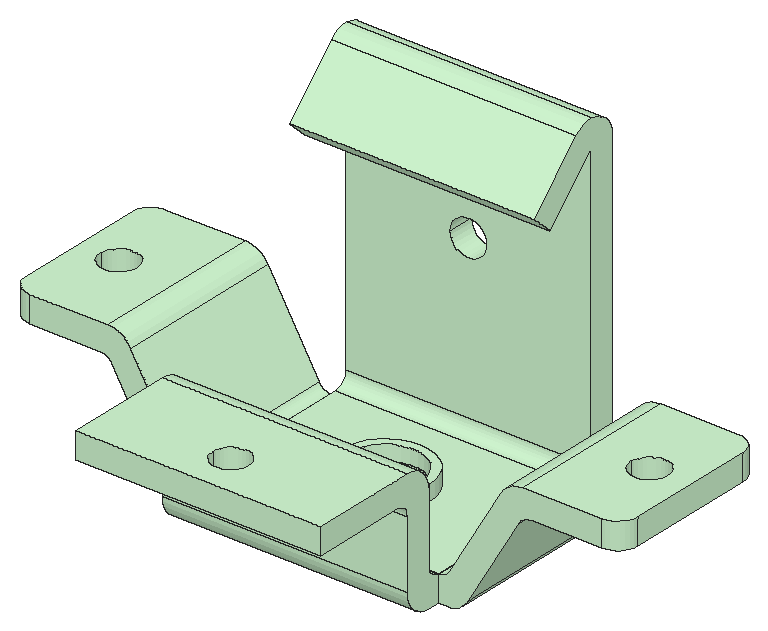
Revit family "Power-LGフック", category 機械設備, Revit 2022
Family settings
  丸型コネクタ寸法 = 直径を使用
  種別 = なし
  パーツ タイプ = 標準
  作業面ベース = いいえ
  常に垂直 = はい
  ロード時にボイドで切り取り = いいえ
  注釈の向きを維持 = いいえ
  共有 = いいえ
  部屋計算ポイント = いいえ
Parameters
  製造元 = "株式会社桐井製作所"
  既定の高さ = 0 mm
  URL = "https://www.kirii.co.jp/"
  K_許容荷重(鉛直)(N) = 4600
  K_許容荷重(水平)(N) = 2600
  K_品名 = "Power-LGフック"
  K_名称 = "吊元金具"
  K_入数 = "100"
  K_バージョン情報 = "20250901"
Reference planes
  plane 1 "中心(正面/背面)": y = 0
  plane 2: z = 0
  plane 3 "中心(左/右)": x = 0
Forms (mm)
  Extrusion 1, void
    sketch origin (0, -0.34, 0) x (1, 0, 0) y (0, 1, 0)
      loop
        circle (0, -15.76) r 4.5
    from 0 to 3.2
  Extrusion 2, solid
    sketch origin (0, 0, 0.091) x (0, 1, 0) y (0, 0, 1)
      loop
        line (-3.2, 39.61) -> (-3.2, 4.709)
        arc (-3.2, 4.709) -> (-3.669, 3.578) -> (-4.8, 3.109) r 1.6
        line (-4.8, 3.109) -> (-26.5, 3.109)
        arc (-26.5, 3.109) -> (-27.631, 3.578) -> (-28.1, 4.709) r 1.6
        line (-28.1, 4.709) -> (-28.1, 13.01)
        arc (-28.1, 13.01) -> (-29.037, 15.272) -> (-31.3, 16.21) r 3.2
        line (-31.3, 16.21) -> (-44.6, 16.21) -> (-44.6, 13.01) -> (-32.9, 13.01)
        arc (-32.9, 13.01) -> (-31.769, 12.541) -> (-31.3, 11.41) r 1.6
        line (-31.3, 11.41) -> (-31.3, 3.109)
        arc (-31.3, 3.109) -> (-30.363, 0.847) -> (-28.1, -0.091) r 3.2
        line (-28.1, -0.091) -> (-3.2, -0.091)
        arc (-3.2, -0.091) -> (-0.937, 0.847) -> (0, 3.109) r 3.2
        line (0, 3.109) -> (0, 39.61)
        arc (0, 39.61) -> (-0.893, 41.827) -> (-3.074, 42.807) r 3.2
        arc (-3.074, 42.807) -> (-4.366, 42.589) -> (-5.463, 41.872) r 3.2
        line (-5.463, 41.872) -> (-11.827, 35.508) -> (-9.564, 33.246) -> (-3.2, 39.61)
    from -15 to 15
  Extrusion 3, solid
    sketch origin (0, 5.9, 3.2) x (1, 0, 0) y (0, 1, 0)
      loop
        circle (0, -22) r 5.5
      loop
        circle (0, -22) r 4.5
    from 0 to 1.854
  Extrusion 4, void
    sketch origin (0, 0, -6.912) x (1, 0, 0) y (0, 0, 1)
      loop
        circle (0, 31.445) r 2.25
    from 0 to 3.2
  Extrusion 5, solid
    sketch origin (0, 0, 0) x (1, 0, 0) y (0, 0, 1)
      loop
        line (-37.5, 16.3) -> (-37.5, 13.103) -> (-26.338, 13.103)
        arc (-26.338, 13.103) -> (-25.538, 12.888) -> (-24.953, 12.303) r 1.6
        line (-24.953, 12.303) -> (-18.773, 1.6)
        arc (-18.773, 1.6) -> (-17.602, 0.429) -> (-16.002, 0) r 3.2
        line (-16.002, 0) -> (15, 0) -> (16.002, 0)
        arc (16.002, 0) -> (17.602, 0.429) -> (18.773, 1.6) r 3.2
        line (18.773, 1.6) -> (24.953, 12.303)
        arc (24.953, 12.303) -> (25.538, 12.888) -> (26.338, 13.103) r 1.6
        line (26.338, 13.103) -> (37.5, 13.103) -> (37.5, 16.3) -> (25.413, 16.3)
        arc (25.413, 16.3) -> (23.813, 15.871) -> (22.642, 14.7) r 3.2
        line (22.642, 14.7) -> (16.464, 4)
        arc (16.464, 4) -> (15.879, 3.414) -> (15.079, 3.2) r 1.6
        line (15.079, 3.2) -> (-15.079, 3.2)
        arc (-15.079, 3.2) -> (-15.879, 3.414) -> (-16.464, 4) r 1.6
        line (-16.464, 4) -> (-22.642, 14.7)
        arc (-22.642, 14.7) -> (-23.813, 15.871) -> (-25.413, 16.3) r 3.2
        line (-25.413, 16.3) -> (-37.5, 16.3)
    from 5.6 to 26.6
  Extrusion 6, void
    sketch origin (0, 0, 0) x (1, 0, 0) y (0, 1, 0)
      loop
        line (-35, -5.6) -> (-37.5, -5.6) -> (-37.5, -8.1)
        arc (-37.5, -8.1) -> (-36.768, -6.332) -> (-35, -5.6) r 2.5
      loop
        line (-37.5, -24.1) -> (-37.5, -26.6) -> (-35, -26.6)
        arc (-35, -26.6) -> (-36.768, -25.868) -> (-37.5, -24.1) r 2.5
    from 13.1 to 16.3
  Extrusion 7, void
    sketch origin (0, 0, 0) x (-1, 0, 0) y (0, -1, 0)
      loop
        arc (-35, 5.6) -> (-36.768, 6.332) -> (-37.5, 8.1) r 2.5
        line (-37.5, 8.1) -> (-37.5, 5.6) -> (-35, 5.6)
      loop
        arc (-37.5, 24.1) -> (-36.768, 25.868) -> (-35, 26.6) r 2.5
        line (-35, 26.6) -> (-37.5, 26.6) -> (-37.5, 24.1)
    from 13.1 to 16.3
  Extrusion 8, void
    sketch origin (0, 0, 0) x (1, 0, 0) y (0, 1, 0)
      loop
        circle (-32.5, -16.1) r 2.28
    from 13.1 to 16.3
  Extrusion 9, void
    sketch origin (0, 0, 0) x (-1, 0, 0) y (0, -1, 0)
      loop
        circle (-32.5, 16.1) r 2.28
    from 13.1 to 16.3
  Extrusion 10, void
    sketch origin (0, 0, 0) x (1, 0, 0) y (0, 1, 0)
      loop
        circle (0, -39.6) r 2.25
    from 13.1 to 16.3
Cuts and joins
  Extrusion 1, Extrusion 4, Extrusion 10 cuts Extrusion 2
  Extrusion 4, Extrusion 10 cuts Extrusion 3
  joined: Extrusion 2, Extrusion 3
  Extrusion 1, Extrusion 6, Extrusion 7, Extrusion 8, Extrusion 9 cuts Extrusion 5
Dimensions and locks
  aligned and locked: level to plane 2
